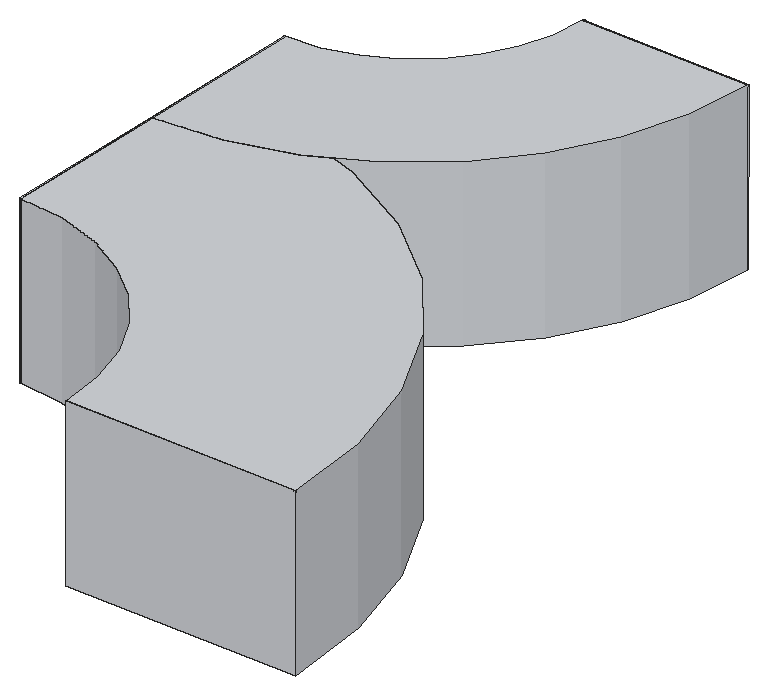
Revit family "da29808cc82548308aa5d5ff50fb5321", category Duct Fittings, Revit 2021
Family settings
  Round Connector Dimension = Use Diameter
  Part Type = Wye
  OmniClass Number = 23.75.70.14
  OmniClass Title = Air Ductwork
  Seek Item ID = Rectangular Wye Curved Transition - DTL-0000-USA-ENU
  Work Plane-Based = No
  Always vertical = Yes
  Cut with Voids When Loaded = No
  Shared = No
Parameters (values of type "Standard")
  Top Change Right [instance] = Depth In - Depth Out Right + Bottom Change Right  # 0"
  Top Change Left [instance] = -(Depth In - Depth Out Left) + Bottom Change Left  # 0"
  Top Offset 1 [instance] = (Depth In - Depth Out Left) / 2 - Top Change Left  # 0"
  Top Offset 2 [instance] = (Depth In - Depth Out Right) / 2 - Top Change Right  # 0"
  Radius Right [instance] = 25"
  Radius Left [instance] = 18"
  Length 7 [instance] = Depth Out Left / 4 + Top Offset 1  # 4 1/2"
  Length 6 [instance] = (Depth In + Depth Out Left + Depth Out Right + abs(Top Offset 1) + abs(Top Offset 2)) / 2 + 0' 5"  # 32"
  Length 5 [instance] = ((Radius Right + Width Out Right / 2) - (Radius Right + Width In / 2) * cos(Angle 3)) / sin(Angle 3)  # 37 1/2"
  Length 4 [instance] = ((Radius Left + Width Out Left / 2) - (Radius Left + Width In / 2) * cos(Angle 2)) / sin(Angle 2)  # 27"
  Length 3 [instance] = Width In / 2 + Radius Right  # 43"
  Length 2 [instance] = Width In / 2 + Radius Left  # 36"
  Length 19 [instance] = Length 2 - Length 10  # 36"
  Length 18 [instance] = if(Straight In = 0' 0", 0' 0 1/32", Straight In)  # 1/32"
  Length 17 [instance] = if(Straight Out Right = 0' 0", 0' 0 1/32", Straight Out Right)  # 1/32"
  Length 16 [instance] = if(Straight Out Left = 0' 0", 0' 0 1/32", Straight Out Left)  # 1/32"
  Length 15 [instance] = 10' 0" + Top Offset 2  # 120"
  Length 14 [instance] = 10' 0" + Top Offset 1  # 120"
  Length 12 [instance] = (Radius Right + Width Out Right / 2) * sin(Angle 3)  # 37 1/2"
  Length 13 [instance] = (Radius Right + Width Out Right / 2) * cos(Angle 3)  # 0"
  Length 11 [instance] = (Radius Left + Width Out Left / 2) * sin(Angle 2)  # 27"
  Length 10 [instance] = (Radius Left + Width Out Left / 2) * cos(Angle 2)  # 0"
  Length 1 [instance] = 30' 0" - (Length 4 + Length 5) / 2  # 327 3/4"
  Width In [instance] = 36"
  Width Out Right [instance] = 25"
  Width Out Left [instance] = 18"
  Straight In [instance] = 0"
  Straight Out Right [instance] = 0"
  Straight Out Left [instance] = 0"
  Depth In [instance] = 18"
  Depth Out Right [instance] = 18"
  Depth Out Left [instance] = 18"
  Default Elevation = 0' - 0"
  Center Radius 2 [instance] = Radius Right + Width Out Right / 2  # 37 1/2"
  Center Radius 1 [instance] = Radius Left + Width Out Left / 2  # 27"
  Bottom Change Right [instance] = 0"
  Bottom Change Left [instance] = 0"
  Angle 3 [instance] = 90.00°
  Angle 2 [instance] = 90.00°
Reference planes (in)
  plane 1 "Center (Front/Back)": y = 0
  plane 2: z = 0
  plane 3 "Center (Left/Right)": x = 0
  plane 4: z = 32
  plane 5: z = -32
  plane 6: z = 32
  plane 7: z = -32
  plane 8: z = 0
  plane 9: z = 0
  plane 10: z = 32
  plane 11: z = -32
  plane 12: z = -120
  plane 13: x = -32.25
  plane 14: x = -360
  plane 15: y = 36
  plane 16: y = -43
  plane 17: x = -32.28125
  plane 18: x = -5.25
  plane 19: y = 36
  plane 20: z = 3
  plane 21: y = 33
  plane 22: z = 15.67261
  plane 23: y = -3
  plane 24: z = 3
  plane 25: x = 5.25
  plane 26: y = -43
  plane 27: x = -32.25
  plane 28: y = 3
  plane 29: z = 3
  plane 30: y = -40
  plane 31: z = 3
Forms (in)
  Sweep 1, solid, detail levels medium+fine
    path in 3D
      loop
        line (-32.28125, 0, 0) -> (-32.25, 0, 0)
    profile "Duct - Rectangular : Duct - Rectangular 3" origin (-32.26562, 0, 0) x (0, 1, 0) y (0, 0, 1)
      loop
        line (-18, 9) -> (-18, -9) -> (18, -9) -> (18, 9) -> (-18, 9)
  Blend 2, solid, not visible
    base sketch origin (0, 0, 0) x (0, 1, 0) y (0, 0, 1)
      loop
        line (36, 3) -> (33, 3) -> (33, 0) -> (36, 0) -> (36, 3)
    top sketch origin (0, 0, 0) x (0, 1, 0) y (0, 0, 1)
      loop
        line (0, 3) -> (-3, 3) -> (-3, 0) -> (0, 0) -> (0, 3)
    from -5.25 to -32.25
  Extrusion 3, void
    sketch origin (22.5, -180, 0) x (-1, 0, 0) y (0, -1, 0)
      loop
        circle (54.75, -216) r 18
    from -34 to 34
  Extrusion 4, void
    sketch origin (22.5, -180, 0) x (-1, 0, 0) y (0, -1, 0)
      loop
        circle (54.75, -137) r 25
    from -34 to 34
  Blend 5, solid, not visible
    base sketch origin (0, 0, 0) x (0, 1, 0) y (0, 0, 1)
      loop
        line (3, 0) -> (3, 3) -> (0, 3) -> (0, 0) -> (3, 0)
    top sketch origin (0, 0, 0) x (0, 1, 0) y (0, 0, 1)
      loop
        line (-40, 3) -> (-43, 3) -> (-43, 0) -> (-40, 0) -> (-40, 3)
    from -32.25 to 5.25
  SweptBlend 6, solid, detail levels medium+fine
    path in 3D
      loop
        arc (-32.25, -5.5, 0) -> (-5.7335, -16.4835, 0) -> (5.25, -43, 0) r 37.5
    profile "Duct - Rectangular : Duct - Rectangular 5" origin (-32.25, -5.5, 0) x (0, 1, 0) y (0, 0, 1)
      loop
        line (-12.5, 9) -> (-12.5, -9) -> (12.5, -9) -> (12.5, 9) -> (-12.5, 9)
    end profile "Duct - Rectangular : Duct - Rectangular 2" origin (5.25, -43, 0) x (1, 0, 0) y (0, 0, 1)
      loop
        line (-12.5, 9) -> (-12.5, -9) -> (12.5, -9) -> (12.5, 9) -> (-12.5, 9)
  SweptBlend 7, solid, detail levels medium+fine
    path in 3D
      loop
        arc (-32.25, 9, 0) -> (-13.15812, 16.90812, 0) -> (-5.25, 36, 0) r 27
    profile "Duct - Rectangular : Duct - Rectangular 4" origin (-32.25, 9, 0) x (0, 1, 0) y (0, 0, 1)
      loop
        line (-9, 9) -> (-9, -9) -> (9, -9) -> (9, 9) -> (-9, 9)
    end profile "Duct - Rectangular : Duct - Rectangular 1" origin (-5.25, 36, 0) x (-1, 0, 0) y (0, 0, 1)
      loop
        line (-9, 9) -> (-9, -9) -> (9, -9) -> (9, 9) -> (-9, 9)
  Sweep 8, solid, detail levels medium+fine
    path in 3D
      loop
        line (-5.25, 36, 0) -> (-5.25, 36.03125, 0)
    profile "Duct - Rectangular : Duct - Rectangular 1" origin (-5.25, 36.01562, 0) x (-1, 0, 0) y (0, 0, 1)
      loop
        line (-9, 9) -> (-9, -9) -> (9, -9) -> (9, 9) -> (-9, 9)
  Sweep 9, solid, detail levels medium+fine
    path in 3D
      loop
        line (5.25, -43, 0) -> (5.25, -43.03125, 0)
    profile "Duct - Rectangular : Duct - Rectangular 2" origin (5.25, -43.01563, 0) x (1, 0, 0) y (0, 0, 1)
      loop
        line (-12.5, 9) -> (-12.5, -9) -> (12.5, -9) -> (12.5, 9) -> (-12.5, 9)
Lines and regions (in)
  model lines, detail levels coarse
    curve 1: line (-32.28125, 0, 0) -> (-32.25, 0, 0)
    curve 3: line (-5.25, 36, 0) -> (-32.25, 0, 0)
    curve 8: line (-5.25, 36, 0) -> (-5.25, 36.03125, 0)
    curve 10: line (5.25, -43, 0) -> (5.25, -43.03125, 0)
    curve 12: line (-32.25, 0, 0) -> (5.25, -43, 0)
  sketch lines
    curve 2: line (-32.28125, 0, 0) -> (-32.25, 0, 0)
    curve 5: arc (-32.25, -5.5, 0) -> (-5.7335, -16.4835, 0) -> (5.25, -43, 0) r 37.5
    curve 7: arc (-32.25, 9, 0) -> (-13.15812, 16.90812, 0) -> (-5.25, 36, 0) r 27
    curve 9: line (-5.25, 36, 0) -> (-5.25, 36.03125, 0)
    curve 11: line (5.25, -43, 0) -> (5.25, -43.03125, 0)
  reference lines
    curve 4: arc (-32.25, -5.5, 0) -> (-5.7335, -16.4835, 0) -> (5.25, -43, 0) r 37.5
    curve 6: arc (-32.25, 9, 0) -> (-13.15812, 16.90812, 0) -> (-5.25, 36, 0) r 27
Dimensions and locks (in)
  equal spacing: plane 4, plane 2, plane 5
  "Length 6": plane 4 to plane 2
  equal spacing: plane 6, plane 2, plane 7
  "Length 6": plane 6 to plane 2
  equal spacing: plane 10, plane 2, plane 11
  "Length 6": plane 10 to plane 2
  locked: plane 2 to plane 12 at 120
  "Length 14": plane 8 to plane 12
  "Length 15": plane 9 to plane 12
  locked: plane 14 to plane 3 "Center (Left/Right)" at 360
  "Length 1": plane 14 to plane 13
  "Length 2": plane 15 to plane 1 "Center (Front/Back)"
  "Length 3": plane 1 "Center (Front/Back)" to plane 16
  "Length 18": plane 17 to plane 13
  "Length 19": plane 19 to plane 1 "Center (Front/Back)"
  "Length 11": plane 13 to plane 18
  locked: plane 20 to plane 8 at 3
  locked: plane 19 to plane 21 at 3
  plane 1 "Center (Front/Back)" to plane 23 = 0' - 3"
  locked: plane 24 to plane 2 at 3
  "Length 12": plane 13 to plane 25
  "Length 13": plane 26 to plane 16
  "Length 1": plane 14 to plane 27
  plane 28 to plane 1 "Center (Front/Back)" = 0' - 3"
  plane 30 to plane 26 = 0' - 3"
  plane 29 to plane 9 = 0' - 3"
  locked: plane 31 to plane 2 at 3
  "Length 16": curve 8 to curve 8
  "Length 17": curve 10 to curve 10
  "Radius Right": radius of Extrusion 4 sketch curve
  "Radius Left": radius of Extrusion 3 sketch curve
  "Center Radius 2": radius of curve 4
  "Center Radius 1": radius of curve 6
  "Angle 3": angle curve 4 to curve 4
  "Angle 2": angle curve 6 to curve 6
  "Angle 2": angle plane 19 to curve 8
  "Angle 3": angle curve 10 to plane 26
  aligned and locked: Blend 2 sketch curve to plane 19
  aligned and locked: Blend 2 sketch curve to plane 21
  aligned and locked: Blend 2 sketch curve to plane 20
  aligned and locked: plane 1 "Center (Front/Back)" to Blend 2 sketch curve
  aligned and locked: plane 2 to Blend 2 sketch curve
  aligned and locked: Blend 2 sketch curve to plane 24
  aligned and locked: Blend 2 sketch curve to plane 23
  aligned and locked: Blend 2 to plane 13
  aligned and locked: plane 18 to Blend 2
  aligned and locked: curve 3 to Blend 2  (x2)
  aligned and locked: plane 13 to Extrusion 3 sketch curve
  aligned and locked: plane 15 to Extrusion 3 sketch curve
  aligned and locked: plane 16 to Extrusion 4 sketch curve
  aligned and locked: plane 27 to Extrusion 4 sketch curve
  aligned and locked: Blend 5 sketch curve to plane 1 "Center (Front/Back)"
  aligned and locked: plane 28 to Blend 5 sketch curve
  aligned and locked: plane 26 to Blend 5 sketch curve
  aligned and locked: plane 9 to Blend 5 sketch curve
  aligned and locked: plane 30 to Blend 5 sketch curve
  aligned and locked: Blend 5 sketch curve to plane 29
  aligned and locked: Blend 5 to plane 27
  aligned and locked: plane 25 to Blend 5
  aligned and locked: plane 31 to Blend 5 sketch curve
  aligned and locked: Blend 5 sketch curve to plane 2
  aligned and locked: plane 13 to curve 1
  aligned and locked: plane 16 to curve 4
  aligned and locked: plane 13 to curve 4  (x2)
  aligned and locked: plane 15 to curve 6
  aligned and locked: plane 13 to curve 6  (x2)
  aligned and locked: plane 18 to curve 8
  aligned and locked: plane 19 to curve 8
  aligned and locked: plane 26 to curve 10
  aligned and locked: plane 25 to curve 10
  aligned and locked: curve 12 to Blend 5
Automatic sketch dimensions
  Blend 2 sketch curve to plane 8 = 0' - 0"
  curve 3 to Blend 2 = 0' - 0"
  plane 1 "Center (Front/Back)" to curve 1 = 0' - 0"
  curve 1 to plane 17 = 0' - 0"
  curve 12 to Blend 5 = 0' - 0"  (x2)
Connectors (in)
  hvac at (-32.28125, 0, 0), driven by "Depth In", driven by "Width In"
    settings: on Sweep 1, index 1, duct flow 0 CFM, flow factor 0, pres drop 0.00 in-wg, loss coef 0, conn angle 0.00°, conn width 36", conn height 18", conn diameter 24", duct sys type 28, conn prof type 1, flow config 0, flow direction 0, loss method 0, conn ref index -1, conn util no, is conn primary yes, conn desc ""
  hvac at (5.25, -43.03125, 0), driven by "Angle 3", driven by "Depth Out Right", driven by "Width Out Right"
    settings: on Sweep 9, index 2, duct flow 0 CFM, flow factor 0, pres drop 0.00 in-wg, loss coef 0, conn angle 90.00°, conn width 25", conn height 18", conn diameter 24", duct sys type 28, conn prof type 1, flow config 0, flow direction 0, loss method 0, conn ref index -1, conn util no, is conn primary no, conn desc ""
  hvac at (-5.25, 36.03125, 0), driven by "Angle 2", driven by "Depth Out Left", driven by "Width Out Left"
    settings: on Sweep 8, index 3, duct flow 0 CFM, flow factor 0, pres drop 0.00 in-wg, loss coef 0, conn angle 90.00°, conn width 18", conn height 18", conn diameter 24", duct sys type 28, conn prof type 1, flow config 0, flow direction 0, loss method 0, conn ref index -1, conn util no, is conn primary no, conn desc ""
